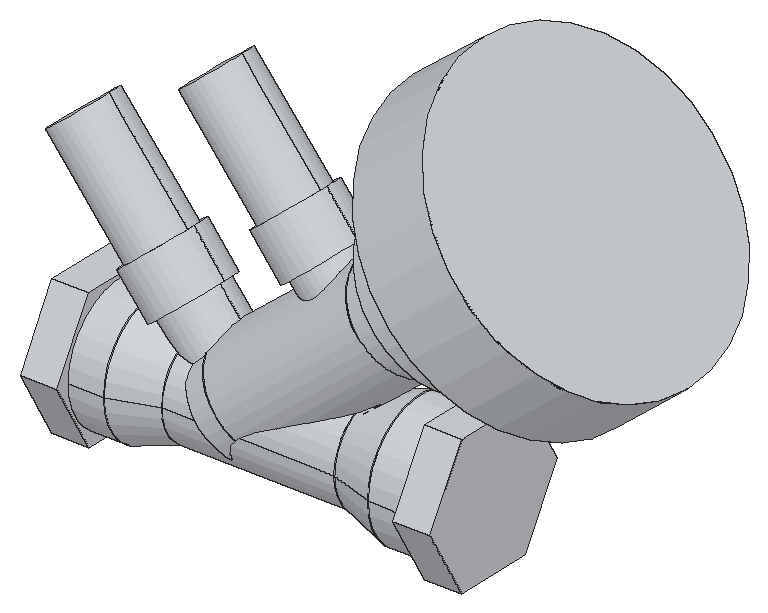
Revit family "D9505-DN15-RFA_2018", category Pipe Accessories, Revit 2018
Family settings
  Round Connector Dimension = Use Diameter
  Part Type = Valve - Breaks Into
  Work Plane-Based = No
  Always vertical = Yes
  Cut with Voids When Loaded = No
  Shared = No
Parameters (values of type "D9505 DN15")
  magiProductId = "7168eb0cb4024df38c6d32127ca87d"
  magiProductFamilyId = "283409d322044e8dba8a30d68fed8b"
  magiPartTypeId = 304
  isMeasuringValve [instance] = no
  ang2D [instance] = 0.00°
  W2D = 10 mm
  VersionID = "2.0/2017.10.31.1/VIR_9505_001"
  Use Minimum Symbol Size [instance] = yes
  URL = "http://www.hydronic.cz"
  Type Comments = "závitový; PN25 (-10~+100°C) nebo PN20 (-10~+130°C)"
  RN2 = 14.85 mm
  RN = 17.55 mm
  R7 = 9 mm
  R6 = 7.5 mm
  R5 = 20 mm
  R4 = 12.375 mm
  R3 = 12.375 mm
  R2 = 14.625 mm
  R1 = 11.25 mm
  QmdConnectorList = "301;D;302;D"
  Productdata [instance] = ""
  NUT1 = no
  Manufacturer = "Hydronic Systems Prague s.r.o."
  MC Product Code = "9505 015 (DN15; PN25 kvs2,67)"
  MC Piping Given Pressure Drop [instance] = 0.0 Pa
  L_2 = 45 mm
  L7 = 36 mm
  L6 = 2 mm
  L4 = 11.7 mm
  L3 = 10 mm
  L2__ve = -L2  # -8 mm
  L2D_Min = 3048 mm
  L2D = 77 mm
  L2 = 8 mm
  L1__ve = -L1  # -8 mm
  L1 = 8 mm
  HWR = 35 mm
  H8 = 27 mm
  H7 = 10.8 mm
  H6 = 19.375 mm
  H5 = 14.375 mm
  H4 = 20 mm
  H3 = 12.304 mm
  H2 = 41 mm
  H1 = 5 mm
  Description = "Ruční vyvažovací ventil závitový; bronzový; DN15; kvs2,67"
  D = 15 mm
  CenSd_RN_6 = RN * cos(30.00°)  # 15.199 mm
  CenSd_RN2_6 = RN2 * cos(30.00°)  # 12.86 mm
  CAT0 = yes
Types (7, lengths in mm): name | magiProductId | RN2 | RN | R4 | R3 | R2 | R1 | MC Product Code | L_2 | L4 | L2__ve | L2 | L1__ve | L1 | H8 | H7 | H6 | H5 | H3 | H2 | H1 | Description | D | CenSd_RN_6 | CenSd_RN2_6
  D9505 DN10 | "f06221e9bc9341508f66871c80ccb9" | 13.2 | 15.6 | 11 | 11 | 13 | 10 | "9505 010 (DN10; PN25 kvs0,97)" | 38.5 | 10.01 | -8 | 8 | -7 | 7 | 27.3 | 10.92 | 18 | 13 | 13.859 | 42 | 4 | "Ruční vyvažovací ventil závitový; bronzový; DN10; kvs0,97" | 10 | 13.51 | 11.432
  D9505 DN15 | "7168eb0cb4024df38c6d32127ca87d" | 14.85 | 17.55 | 12.375 | 12.375 | 14.625 | 11.25 | "9505 015 (DN15; PN25 kvs2,67)" | 45 | 11.7 | -8 | 8 | -8 | 8 | 27 | 10.8 | 19.375 | 14.375 | 12.304 | 41 | 5 | "Ruční vyvažovací ventil závitový; bronzový; DN15; kvs2,67" | 15 | 15.199 | 12.86
  D9505 DN20 | "82f2a7b1fa884f8cafe37fee21fa09" | 16.5 | 19.5 | 13.75 | 13.75 | 16.25 | 12.5 | "9505 020 (DN20; PN25 kvs4,1)" | 51 | 13.26 | -8 | 8 | -9 | 9 | 27 | 10.8 | 20.75 | 15.75 | 12.304 | 40 | 6 | "Ruční vyvažovací ventil závitový; bronzový; DN20; kvs4,1" | 20 | 16.887 | 14.289
  D9505 DN25 | "a5bafb2d780d49b5957b650150642c" | 18.15 | 21.45 | 15.125 | 15.125 | 17.875 | 13.75 | "9505 025 (DN25; PN25 kvs6,4)" | 55 | 14.3 | -9 | 9 | -10 | 10 | 27 | 10.8 | 22.125 | 17.125 | 12.304 | 39 | 7 | "Ruční vyvažovací ventil závitový; bronzový; DN25; kvs6,4" | 25 | 18.576 | 15.718
  D9505 DN32 | "a42dead6f7694bcf97a0a9ce0e311e" | 20.46 | 24.18 | 17 | 17.05 | 20.15 | 15.5 | "9505 032 (DN32; PN25 kvs12,0)" | 60.5 | 15.73 | -9.5 | 9.5 | -11.4 | 11.4 | 34.8 | 13.92 | 24.05 | 19.05 | 52.753 | 38 | 8 | "Ruční vyvažovací ventil závitový; bronzový; DN32; kvs12,0" | 32 | 20.94 | 17.719
  D9505 DN40 | "7d52969a8dcd46c581304e64bff261" | 23.1 | 27.3 | 17 | 19.25 | 22.75 | 17.5 | "9505 040 (DN40; PN25 kvs19,5)" | 71 | 18.46 | -10 | 10 | -13 | 13 | 34.8 | 13.92 | 26.25 | 21.25 | 52.753 | 36 | 10 | "Ruční vyvažovací ventil závitový; bronzový; DN40; kvs19,5" | 40 | 23.642 | 20.005
  D9505 DN50 | "2fc06cc644084f6992b3d357430981" | 26.4 | 31.2 | 17 | 22 | 26 | 20 | "9505 050 (DN50; PN25 kvs29,8)" | 80.5 | 20.93 | -11 | 11 | -15 | 15 | 34.8 | 13.92 | 29 | 24 | 52.753 | 34 | 12 | "Ruční vyvažovací ventil závitový; bronzový; DN50; kvs29,8" | 50 | 27.02 | 22.863
Reference planes
  plane 1 "Center (Front/Back)": y = 0
  plane 2 "XYPLANE": z = 0
  plane 3 "Center (Left/Right)": x = 0
  plane 4 "312": through (-488.27, 0, 577.747) normal (0.766, 0, 0.6428)
  plane 5 "176": through (-600.726, 0, -462.806) normal (-0.6428, 0, 0.766)
  plane 6 "173": through (-596.997, 0, -467.249) normal (-0.6428, 0, 0.766)
  plane 7 "163": x = -11.7
  plane 8 "158": x = 19
  plane 9 "157": x = 29
  plane 10 "154": x = -19
  plane 11 "83": through (-603.939, 0, -458.975) normal (-0.6428, 0, 0.766)
  plane 12 "76": through (-464.523, 0, 597.674) normal (0.766, 0, 0.6428)
  plane 13 "73": through (-593.783, 0, -471.079) normal (-0.6428, 0, 0.766)
  plane 14 "70": through (-584.543, 0, -482.091) normal (-0.6428, 0, 0.766)
  plane 15 "69": y = 0
  plane 16 "68": through (-490.569, 0, 575.819) normal (0.766, 0, 0.6428)
  plane 17 "60": through (-432.117, 0, 624.866) normal (0.766, 0, 0.6428)
  plane 18 "57": through (-447.437, 0, 612.01) normal (0.766, 0, 0.6428)
  plane 19 "54": through (-456.863, 0, 604.102) normal (0.766, 0, 0.6428)
  plane 20 "32": through (-492.101, 0, 574.533) normal (0.766, 0, 0.6428)
  plane 21 "31": y = 0
  plane 22 "30": through (564.523, 0, 482.091) normal (0.6428, 0, -0.766)
  plane 23 "21": x = -29
  plane 24 "20": x = 37
  plane 25 "19": x = -37
  plane 26 "13": x = 0
  plane 27 "11": x = 45
  plane 28 "10": x = -45
  plane 29 "9": y = 0
  plane 30 "8": z = 0
  plane 31 "65XY": through (-584.543, 0, -482.091) normal (-0.6428, 0, 0.766)
  plane 32 "65XZ": y = 0
  plane 33 "65YZ": through (-492.101, 0, 574.533) normal (0.766, 0, 0.6428)
  plane 34 "27XY": through (-492.101, 0, 574.533) normal (0.766, 0, 0.6428)
  plane 35 "27XZ": y = 0
  plane 36 "27YZ": through (564.523, 0, 482.091) normal (0.6428, 0, -0.766)
Forms (mm)
  Extrusion 1, solid, visible <- "CAT0"
    sketch origin (-492.101, 0, 574.533) x (0.642788, 0, -0.766044) y (0, 1, 0)
      loop
        circle (750, 0) r 12.375
    from 0 to 5 <- "H1"
  Extrusion 2, solid
    sketch origin (-600.726, 0, -462.806) x (0.766044, 0, 0.642788) y (0, 1, 0)
      loop
        circle (786, 0) r 7.5
    from 0 to 27 <- "H8"
  Extrusion 3, solid
    sketch origin (-593.783, 0, -471.079) x (0.766044, 0, 0.642788) y (0, 1, 0)
      loop
        circle (786, 0) r 9
    from 0 to 10.8 <- "H7"
  Extrusion 4, solid
    sketch origin (-456.863, 0, 604.102) x (0.642788, 0, -0.766044) y (0, 1, 0)
      loop
        circle (750, 0) r 12.375
    from 0 to 12.304 <- "H3"
  Extrusion 5, solid, visible <- "NUT1"
    sketch origin (-456.863, 0, 604.102) x (0.642788, 0, -0.766044) y (0, 1, 0)
      loop
        line (750, 14.85) -> (737.14, 7.425) -> (737.14, -7.425) -> (750, -14.85) -> (762.86, -7.425) -> (762.86, 7.425) -> (750, 14.85)
    from 0 to 8 <- "L1"
  Blend 6, solid, visible <- "CAT0"
    base sketch origin (-19, -750, 0) x (0, 1, 0) y (0, 0, 1)
      loop
        circle (750, 0) r 11.25
    top sketch origin (-19, -750, 0) x (0, 1, 0) y (0, 0, 1)
      loop
        circle (750, 0) r 11.25
    from 0 to 38
  Blend 7, solid
    base sketch origin (29, -750, 0) x (0, 1, 0) y (0, 0, 1)
      loop
        circle (750, 0) r 14.625
    top sketch origin (29, -750, 0) x (0, 1, 0) y (0, 0, 1)
      loop
        circle (750, 0) r 11.25
    from 0 to -10
  Blend 8, solid
    base sketch origin (-29, -750, 0) x (0, 1, 0) y (0, 0, 1)
      loop
        circle (750, 0) r 14.625
    top sketch origin (-29, -750, 0) x (0, 1, 0) y (0, 0, 1)
      loop
        circle (750, 0) r 11.25
    from 0 to 10
  Extrusion 9, solid
    sketch origin (-584.543, 0, -482.091) x (0.766044, 0, 0.642788) y (0, 1, 0)
      loop
        circle (752, 0) r 7.5
    from 0 to 19.375 <- "H6"
  Extrusion 10, solid
    sketch origin (-603.939, 0, -458.975) x (0.766044, 0, 0.642788) y (0, 1, 0)
      loop
        circle (752, 0) r 7.5
    from 0 to 27 <- "H8"
  Extrusion 11, solid
    sketch origin (-584.543, 0, -482.091) x (0.766044, 0, 0.642788) y (0, 1, 0)
      loop
        circle (786, 0) r 7.5
    from 0 to 14.375 <- "H5"
  Extrusion 12, solid
    sketch origin (-596.997, 0, -467.249) x (0.766044, 0, 0.642788) y (0, 1, 0)
      loop
        circle (752, 0) r 9
    from 0 to 10.8 <- "H7"
  Extrusion 13, solid, visible <- "CAT0"
    sketch origin (-432.117, 0, 624.866) x (0.642788, 0, -0.766044) y (0, 1, 0)
      loop
        circle (750, 0) r 35
    from 0 to 20 <- "H4"
  Extrusion 14, solid
    sketch origin (-447.437, 0, 612.01) x (0.642788, 0, -0.766044) y (0, 1, 0)
      loop
        circle (750, 0) r 20
    from 0 to 20 <- "H4"
  Extrusion 15, solid
    sketch origin (-488.27, 0, 577.747) x (0.642788, 0, -0.766044) y (0, 1, 0)
      loop
        circle (750, 0) r 12.375
    from 0 to 41 <- "H2"
  Extrusion 16, solid
    sketch origin (37, -750, 0) x (0, 1, 0) y (0, 0, 1)
      loop
        circle (750, 0) r 14.625
    from 0 to -8 <- "L2__ve"
  Extrusion 17, solid
    sketch origin (-37, -750, 0) x (0, 1, 0) y (0, 0, 1)
      loop
        circle (750, 0) r 14.625
    from 0 to 8 <- "L2"
  Extrusion 18, solid
    sketch origin (45, -750, 0) x (0, 1, 0) y (0, 0, 1)
      loop
        line (732.45, 0) -> (741.225, -15.199) -> (758.775, -15.199) -> (767.55, 0) -> (758.775, 15.199) -> (741.225, 15.199) -> (732.45, 0)
    from 0 to -8 <- "L1__ve"
  Extrusion 19, solid
    sketch origin (-45, -750, 0) x (0, 1, 0) y (0, 0, 1)
      loop
        line (767.55, 0) -> (758.775, 15.199) -> (741.225, 15.199) -> (732.45, 0) -> (741.225, -15.199) -> (758.775, -15.199) -> (767.55, 0)
    from 0 to 8 <- "L1"
  Extrusion 20, solid, not visible
    sketch origin (45, -750, 0) x (0, 1, 0) y (0, 0, 1)
      loop
        circle (750, 0) r 10
    from 0 to -10
  Extrusion 21, solid, not visible
    sketch origin (-45, -750, 0) x (0, 1, 0) y (0, 0, 1)
      loop
        circle (750, 0) r 10
    from 0 to 10
Lines and regions (mm)
  reference lines, not visible
    curve 1: circle (2, 2, 0) r 1 normal (0, 0, 1)
  reference lines
    curve 2: line (25.228, 0, 29.568) -> (28.902, -3.3, 25.19)
    curve 3: line (25.228, 0, 29.568) -> (25.228, -6.6, 29.568)
    curve 4: line (25.228, 0, 29.568) -> (21.554, -3.3, 33.947)
    curve 5: line (45, 0, 0) -> (45, 3.9, -6.755)
    curve 6: line (45, 0, 0) -> (45, 7.8, 0)
    curve 7: line (45, 0, 0) -> (45, 3.9, 6.755)
    curve 8: line (-45, 0, 0) -> (-45, -3.9, -6.755)
    curve 9: line (-45, 0, 0) -> (-45, -7.8, 0)
    curve 10: line (-45, 0, 0) -> (-45, -3.9, 6.755)
Dimensions and locks
  plane 1 "Center (Front/Back)" to curve 1 = 2 mm
  "H1": plane 20 "32" to plane 4 "312"
  "H7": plane 13 "73" to plane 5 "176"
  "H6": plane 14 "70" to plane 6 "173"
  "L4": plane 26 "13" to plane 7 "163"
  "L3": plane 9 "157" to plane 8 "158"
  "L2": plane 24 "20" to plane 9 "157"
  "L3": plane 23 "21" to plane 10 "154"
  "H7": plane 6 "173" to plane 11 "83"
  "L7": plane 33 "65YZ" to plane 12 "76"
  "H5": plane 14 "70" to plane 13 "73"
  locked: plane 31 "65XY" to plane 14 "70" at 0
  locked: plane 29 "9" to plane 15 "69"
  "L6": plane 33 "65YZ" to plane 16 "68"
  "H4": plane 18 "57" to plane 17 "60"
  "H3": plane 19 "54" to plane 18 "57"
  "H2": plane 4 "312" to plane 19 "54"
  locked: plane 34 "27XY" to plane 20 "32" at 0
  locked: plane 29 "9" to plane 21 "31"
  locked: plane 36 "27YZ" to plane 22 "30"
  "L2": plane 25 "19" to plane 23 "21"
  "L1": plane 27 "11" to plane 24 "20"
  "L1": plane 28 "10" to plane 25 "19"
  locked: plane 3 "Center (Left/Right)" to plane 26 "13"
  "L_2": plane 3 "Center (Left/Right)" to plane 27 "11"
  "L_2": plane 3 "Center (Left/Right)" to plane 28 "10"
  locked: plane 1 "Center (Front/Back)" to plane 29 "9"
  locked: plane 2 "XYPLANE" to plane 30 "8"
  "CenSd_RN2_6": curve 2 to Extrusion 5 sketch curve  (x2)
  "CenSd_RN2_6": curve 3 to Extrusion 5 sketch curve  (x2)
  "CenSd_RN2_6": curve 4 to Extrusion 5 sketch curve  (x2)
  Extrusion 5 sketch curve to Extrusion 5 sketch curve = 0 mm  (x12)
  "CenSd_RN_6": curve 5 to Extrusion 18 sketch curve  (x2)
  "CenSd_RN_6": curve 6 to Extrusion 18 sketch curve  (x2)
  "CenSd_RN_6": curve 7 to Extrusion 18 sketch curve  (x2)
  Extrusion 18 sketch curve to Extrusion 18 sketch curve = 0 mm  (x12)
  "CenSd_RN_6": curve 8 to Extrusion 19 sketch curve  (x2)
  "CenSd_RN_6": curve 9 to Extrusion 19 sketch curve  (x2)
  "CenSd_RN_6": curve 10 to Extrusion 19 sketch curve  (x2)
  Extrusion 19 sketch curve to Extrusion 19 sketch curve = 0 mm  (x12)
  "R3": radius of Extrusion 1 sketch curve
  "R6": radius of Extrusion 2 sketch curve
  "R7": radius of Extrusion 3 sketch curve
  "R4": radius of Extrusion 4 sketch curve
  "R1": radius of Blend 6 sketch curve  (x2)
  "R1": radius of Blend 7 sketch curve
  "R2": radius of Blend 7 sketch curve
  "R1": radius of Blend 8 sketch curve
  "R2": radius of Blend 8 sketch curve
  "R6": radius of Extrusion 9 sketch curve
  "R6": radius of Extrusion 10 sketch curve
  "R6": radius of Extrusion 11 sketch curve
  "R7": radius of Extrusion 12 sketch curve
  "HWR": radius of Extrusion 13 sketch curve
  "R5": radius of Extrusion 14 sketch curve
  "R3": radius of Extrusion 15 sketch curve
  "R2": radius of Extrusion 16 sketch curve
  "R2": radius of Extrusion 17 sketch curve
  locked: curve 3 to curve 2 (angle 60.00°)
  locked: curve 4 to curve 3 (angle 60.00°)
  locked: curve 4 to curve 2 (angle 120.00°)
  locked: curve 6 to curve 5 (angle 60.00°)
  locked: curve 7 to curve 6 (angle 60.00°)
  locked: curve 7 to curve 5 (angle 120.00°)
  locked: curve 9 to curve 8 (angle 60.00°)
  locked: curve 10 to curve 9 (angle 60.00°)
  locked: curve 10 to curve 8 (angle 120.00°)
  aligned and locked: level to plane 2 "XYPLANE"
  aligned and locked: plane 21 "31" to Extrusion 1 sketch curve
  aligned and locked: Extrusion 1 sketch curve to plane 22 "30"
  aligned and locked: Extrusion 2 sketch curve to plane 12 "76"
  aligned and locked: plane 15 "69" to Extrusion 2 sketch curve
  aligned and locked: Extrusion 3 sketch curve to plane 12 "76"
  aligned and locked: plane 15 "69" to Extrusion 3 sketch curve
  aligned and locked: plane 21 "31" to Extrusion 4 sketch curve
  aligned and locked: Extrusion 4 sketch curve to plane 22 "30"
  aligned and locked: curve 2 to plane 22 "30"
  aligned and locked: plane 21 "31" to curve 3
  aligned and locked: Blend 6 sketch curve to plane 29 "9"  (x2)
  aligned and locked: plane 30 "8" to Blend 6 sketch curve  (x2)
  aligned and locked: plane 8 "158" to Blend 6
  aligned and locked: Blend 7 sketch curve to plane 29 "9"  (x2)
  aligned and locked: plane 30 "8" to Blend 7 sketch curve  (x2)
  aligned and locked: Blend 7 to plane 8 "158"
  aligned and locked: Blend 8 sketch curve to plane 29 "9"  (x2)
  aligned and locked: plane 30 "8" to Blend 8 sketch curve  (x2)
  aligned and locked: plane 10 "154" to Blend 8
  aligned and locked: plane 15 "69" to Extrusion 9 sketch curve
  aligned and locked: Extrusion 9 sketch curve to plane 16 "68"
  aligned and locked: plane 15 "69" to Extrusion 10 sketch curve
  aligned and locked: Extrusion 10 sketch curve to plane 16 "68"
  aligned and locked: Extrusion 11 sketch curve to plane 12 "76"
  aligned and locked: plane 15 "69" to Extrusion 11 sketch curve
  aligned and locked: plane 15 "69" to Extrusion 12 sketch curve
  aligned and locked: Extrusion 12 sketch curve to plane 16 "68"
  aligned and locked: plane 21 "31" to Extrusion 13 sketch curve
  aligned and locked: Extrusion 13 sketch curve to plane 22 "30"
  aligned and locked: plane 21 "31" to Extrusion 14 sketch curve
  aligned and locked: Extrusion 14 sketch curve to plane 22 "30"
  aligned and locked: plane 21 "31" to Extrusion 15 sketch curve
  aligned and locked: Extrusion 15 sketch curve to plane 22 "30"
  aligned and locked: Extrusion 16 sketch curve to plane 29 "9"
  aligned and locked: plane 30 "8" to Extrusion 16 sketch curve
  aligned and locked: Extrusion 17 sketch curve to plane 29 "9"
  aligned and locked: plane 30 "8" to Extrusion 17 sketch curve
  aligned and locked: curve 7 to plane 29 "9"
  aligned and locked: plane 30 "8" to curve 7
  aligned and locked: curve 10 to plane 29 "9"
  aligned and locked: plane 30 "8" to curve 10
  aligned and locked: Extrusion 20 sketch curve to plane 29 "9"
  aligned and locked: plane 30 "8" to Extrusion 20 sketch curve
  aligned and locked: Extrusion 21 sketch curve to plane 29 "9"
  aligned and locked: plane 30 "8" to Extrusion 21 sketch curve
Automatic sketch dimensions
  plane 1 "Center (Front/Back)" to Extrusion 20 sketch curve = 10 mm
  plane 1 "Center (Front/Back)" to Extrusion 21 sketch curve = 10 mm
  plane 3 "Center (Left/Right)" to curve 1 = 2 mm
  radius of curve 1 = 1 mm
Connectors
  piping at (-45, 0, 0), diameter 15, driven by "D"
    settings: on Extrusion 21, index 1, connector inside diameter 609.6 mm, connector length 0 mm, flow factor 0, pipe flow 0.0 L/s, pressure drop 0.0 Pa, fitting loss kfactor 0, connector angle 0.00°, fixture units 0, engagement length 0 mm, angle of deflection 0.00°, flow configuration 0, flow direction 0, fitting loss method 0, system type 29, joint type 0, gender type 0, connector reference index 2, connector utility 0, adjustable connector no, is connector primary yes, connector description ""
  piping at (45, 0, 0), diameter 15, driven by "D"
    settings: on Extrusion 20, index 2, connector inside diameter 609.6 mm, connector length 0 mm, flow factor 0, pipe flow 0.0 L/s, pressure drop 0.0 Pa, fitting loss kfactor 0, connector angle 0.00°, fixture units 0, engagement length 0 mm, angle of deflection 0.00°, flow configuration 0, flow direction 0, fitting loss method 0, system type 29, joint type 0, gender type 0, connector reference index 1, connector utility 0, adjustable connector no, is connector primary no, connector description ""
